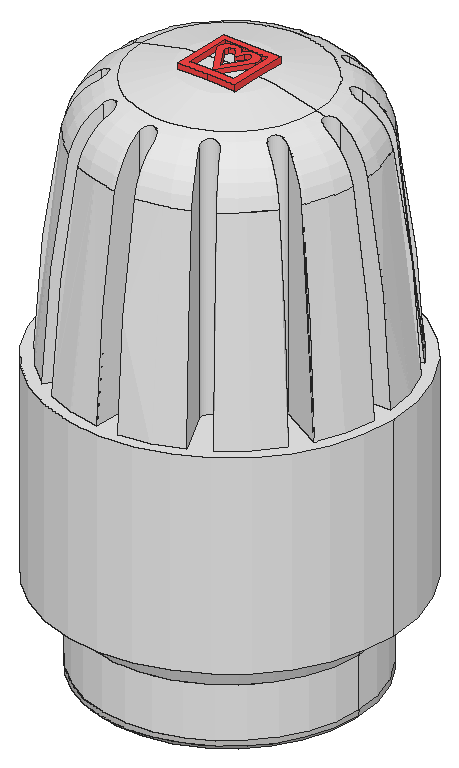
Revit family "HERZ-Herzcules-Thermostatkopf M28x1.5 9860", category Rohrzubehör, Revit 2019
Family settings
  Bemaßung runder Anschluss = Durchmesser verwenden
  Teiletyp = Normal
  OmniClass-Nummer = 23.65.55.14
  OmniClass-Titel = Valves for Liquid Services
  Arbeitsebenenbasiert = Nein
  Immer vertikal = Nein
  Beim Laden mit Abzugskörper schneiden = Nein
  Gemeinsam genutzt = Nein
Parameters
  URL = "www.herz-armaturen.at"
  Sollwertbereich = "8 - 26°C"  # constant formula
  S02 = 60.000 mm  # constant formula
  S01 = 81.000 mm  # constant formula
  Hersteller = "HERZ Armaturen Ges.m.b.H."  # constant formula
  Handrad = "Kunststoff, weiß"  # constant formula
  Funktionsweise = "Der HERZ-Thermostat dient als Fühl- und Regelelement.\r\nDurch die Volumsänderung der Flüssigkeitsfüllung im HERZ-Hydrosensor wird die Schubspindel des Ventils bewegt."
  Bestellnummer = 1986010  # constant formula
  Ausführungen = "HERZCULES, Heizkörperthermostat in Massivausführung\r\ngegen Vandalismus, Diebstahl und unbefugte Betätigung.\r\nMontage, Demontage und Sollwerteinstellung nur mit Spezialwerkzeugen möglich.\r\nSollwerteinstellung verriegelt, Einstellanzeige bleibt in verriegelter Position verdeckt.\r\nMit automatischer Frostsicherung."
  Anwendungen = "HERZCULES, Thermostatkopf zur Montage auf HERZ-Ventilen, die für thermostatischen Betrieb eingerichtet sind."
Reference planes
  plane 1 "Mitte (Vorne/hinten)": y = 0
  plane 2: z = 0
  plane 3 "Mitte (Links/rechts)": x = 0
Forms (mm)
  Revolve 1, solid, material "Kunststoff weiß", detail levels fine
    sketch origin (0, 0, 0) x (1, 0, 0) y (0, 0, 1)
      loop
        line (-20.5, -3.5) -> (-14, -3.5) -> (-14, 0) -> (0, 0) -> (0, 81)
        arc (0, 81) -> (-6.982, 80.51) -> (-13.827, 79.05) r 50
        arc (-13.827, 79.05) -> (-18.34, 76.173) -> (-20.722, 71.381) r 10
        arc (-20.722, 71.381) -> (-23.123, 55.561) -> (-24.254, 39.6) r 200.5
        line (-24.254, 39.6) -> (-26, 39.6) -> (-26, 9) -> (-23.156, 9) -> (-20.5, 4.4) -> (-20.5, -3.5)
      axis (0, 81) -> (0, -3.5)
    angle from 0 to 360
  Revolve 2, solid, material "Messing verzinkt", detail levels fine
    sketch origin (0, 0, -5) x (1, 0, 0) y (0, 0, 1)
      loop
        line (-14, 0) -> (-14, 1.5) -> (-20.5, 1.5) -> (-20.5, 0.7) -> (-19.8, 0) -> (-14, 0)
      axis (0, 1.5) -> (0, 0)
    angle from 0 to 360
  Extrusion 3, void
    sketch origin (0, 0, 0) x (1, 0, 0) y (0, 1, 0)
      loop
        line (1.7, -24.289) -> (1.331, -16.288)
        arc (1.331, -16.288) -> (-0.021, -15) -> (-1.366, -16.294) r 1.35
        line (-1.366, -16.294) -> (-1.7, -24.292)
        arc (-1.7, -24.292) -> (0, -24.35) -> (1.7, -24.289) r 24.35
      loop
        arc (-13.65, -20.176) -> (-12.208, -21.079) -> (-10.707, -21.879) r 24.35
        line (-10.707, -21.879) -> (-6.996, -14.785)
        arc (-6.996, -14.785) -> (-7.515, -12.992) -> (-9.329, -13.431) r 1.35
        line (-9.329, -13.431) -> (-13.65, -20.176)
      loop
        line (-20.194, -13.632) -> (-13.449, -9.312)
        arc (-13.449, -9.312) -> (-13.009, -7.497) -> (-14.803, -6.979) r 1.35
        line (-14.803, -6.979) -> (-21.896, -10.689)
        arc (-21.896, -10.689) -> (-21.097, -12.19) -> (-20.194, -13.632) r 24.35
      loop
        arc (-24.307, 1.718) -> (-24.368, 0.018) -> (-24.309, -1.682) r 24.35
        line (-24.309, -1.682) -> (-16.311, -1.349)
        arc (-16.311, -1.349) -> (-15.018, -0.003) -> (-16.305, 1.349) r 1.35
        line (-16.305, 1.349) -> (-24.307, 1.718)
      loop
        arc (1.7, 24.289) -> (0, 24.35) -> (-1.7, 24.292) r 24.35
        line (-1.7, 24.292) -> (-1.366, 16.294)
        arc (-1.366, 16.294) -> (-0.021, 15) -> (1.331, 16.288) r 1.35
        line (1.331, 16.288) -> (1.7, 24.289)
      loop
        line (-13.65, 20.176) -> (-9.329, 13.431)
        arc (-9.329, 13.431) -> (-7.515, 12.992) -> (-6.996, 14.785) r 1.35
        line (-6.996, 14.785) -> (-10.707, 21.879)
        arc (-10.707, 21.879) -> (-12.208, 21.079) -> (-13.65, 20.176) r 24.35
      loop
        arc (-20.194, 13.632) -> (-21.097, 12.19) -> (-21.896, 10.689) r 24.35
        line (-21.896, 10.689) -> (-14.803, 6.979)
        arc (-14.803, 6.979) -> (-13.009, 7.497) -> (-13.449, 9.312) r 1.35
        line (-13.449, 9.312) -> (-20.194, 13.632)
      loop
        line (24.307, 1.718) -> (16.305, 1.349)
        arc (16.305, 1.349) -> (15.018, -0.003) -> (16.311, -1.349) r 1.35
        line (16.311, -1.349) -> (24.309, -1.682)
        arc (24.309, -1.682) -> (24.368, 0.018) -> (24.307, 1.718) r 24.35
      loop
        arc (13.65, 20.176) -> (12.208, 21.079) -> (10.707, 21.879) r 24.35
        line (10.707, 21.879) -> (6.996, 14.785)
        arc (6.996, 14.785) -> (7.515, 12.992) -> (9.329, 13.431) r 1.35
        line (9.329, 13.431) -> (13.65, 20.176)
      loop
        line (20.194, 13.632) -> (13.449, 9.312)
        arc (13.449, 9.312) -> (13.009, 7.497) -> (14.803, 6.979) r 1.35
        line (14.803, 6.979) -> (21.896, 10.689)
        arc (21.896, 10.689) -> (21.097, 12.19) -> (20.194, 13.632) r 24.35
      loop
        line (13.65, -20.176) -> (9.329, -13.431)
        arc (9.329, -13.431) -> (7.515, -12.992) -> (6.996, -14.785) r 1.35
        line (6.996, -14.785) -> (10.707, -21.879)
        arc (10.707, -21.879) -> (12.208, -21.079) -> (13.65, -20.176) r 24.35
      loop
        arc (20.194, -13.632) -> (21.097, -12.19) -> (21.896, -10.689) r 24.35
        line (21.896, -10.689) -> (14.803, -6.979)
        arc (14.803, -6.979) -> (13.009, -7.497) -> (13.449, -9.312) r 1.35
        line (13.449, -9.312) -> (20.194, -13.632)
    from 39.6 to 90
Cuts and joins
  Extrusion 3 cuts Revolve 1
Lines and regions (mm)
  model lines, detail levels coarse+medium
    curve 1: line (0, 0, 0) -> (0, 0, 21)
    curve 2: line (0, -0.017, 0) -> (0, 21, 0)
    curve 3: circle (0, 0, 51) r 30 normal (0, -1, 0)
    curve 4: circle (0, 0, 51) r 30 normal (1, 0, 0)
    curve 5: line (0, 0, 31) -> (0, 0, 71)
    curve 6: line (0, 17.5, 71) -> (0, -17.5, 71)
    curve 7: line (0, 0, 31) -> (0, 0, 71)
    curve 8: line (-17.5, 0, 71) -> (17.5, 0, 71)
    curve 9: circle (0, 51, 0) r 30 normal (0, 0, 1)
    curve 10: line (0, 31, 0) -> (0, 71, 0)
    curve 11: line (-17.5, 71, 0) -> (17.5, 71, 0)
Dimensions and locks
  nested 1 to plane 2 = 80.000 mm
  "S01": curve 4 to plane 2
  "S01": curve 3 to plane 2
  "S01": plane 1 "Mitte (Vorne/hinten)" to curve 9
  "S02": diameter of curve 3
  "S02": diameter of curve 4
  "S02": diameter of curve 9
  aligned and locked: level to plane 2
Automatic sketch dimensions
  Revolve 1 sketch curve to level = 0.000 mm
  Revolve 1 sketch curve to plane 3 "Mitte (Links/rechts)" = 0.000 mm  (x2)
  Revolve 1 sketch curve to plane 3 "Mitte (Links/rechts)" = 10.903 mm
  Revolve 1 sketch curve to plane 3 "Mitte (Links/rechts)" = 14.000 mm
  Revolve 1 sketch curve to Revolve 1 sketch curve = 6.500 mm
  level to Revolve 1 sketch curve = 9.000 mm
  Revolve 1 sketch curve to Revolve 1 sketch curve = 2.656 mm
  Revolve 1 sketch curve to plane 3 "Mitte (Links/rechts)" = 24.254 mm
  Revolve 1 sketch curve to Revolve 1 sketch curve = 1.746 mm
  level to Revolve 1 sketch curve = 33.411 mm
  plane 3 "Mitte (Links/rechts)" to Revolve 1 sketch curve = 176.150 mm
  Revolve 1 sketch curve to level = 3.500 mm
  level to Revolve 1 sketch curve = 4.400 mm
  level to Revolve 1 sketch curve = 31.000 mm
  Revolve 1 sketch curve to Revolve 1 sketch curve = 8.600 mm
  Revolve 1 sketch curve to Revolve 1 sketch curve = 29.887 mm
  Revolve 1 sketch curve to Revolve 1 sketch curve = 11.513 mm
  Revolve 1 sketch curve to Revolve 1 sketch curve = 2.925 mm
  level to Revolve 1 sketch curve = 5.000 mm
  Revolve 1 sketch curve to Revolve 1 sketch curve = 2133.315 mm
  Revolve 2 sketch curve to plane 3 "Mitte (Links/rechts)" = 0.000 mm
  Revolve 2 sketch curve to level = 5.000 mm
  Revolve 2 sketch curve to plane 3 "Mitte (Links/rechts)" = 14.000 mm
  Revolve 2 sketch curve to Revolve 2 sketch curve = 5.800 mm
  Revolve 2 sketch curve to Revolve 2 sketch curve = 0.700 mm  (x2)
  Revolve 2 sketch curve to Revolve 2 sketch curve = 1.500 mm
  Revolve 2 sketch curve to Revolve 2 sketch curve = 366.045 mm
  level to Revolve 2 sketch curve = 2209.315 mm
  Extrusion 3 sketch curve to Extrusion 3 sketch curve = 0.000 mm  (x62)
  plane 1 "Mitte (Vorne/hinten)" to Extrusion 3 sketch curve = 0.000 mm  (x4)
  plane 1 "Mitte (Vorne/hinten)" to Extrusion 3 sketch curve = 1.682 mm  (x2)
  Extrusion 3 sketch curve to plane 3 "Mitte (Links/rechts)" = 24.309 mm
  Extrusion 3 sketch curve to plane 1 "Mitte (Vorne/hinten)" = 1.718 mm  (x2)
  Extrusion 3 sketch curve to Extrusion 3 sketch curve = 0.002 mm
  plane 1 "Mitte (Vorne/hinten)" to Extrusion 3 sketch curve = 10.689 mm  (x2)
  Extrusion 3 sketch curve to Extrusion 3 sketch curve = 2.413 mm
  plane 1 "Mitte (Vorne/hinten)" to Extrusion 3 sketch curve = 13.632 mm
  Extrusion 3 sketch curve to Extrusion 3 sketch curve = 4.113 mm
  Extrusion 3 sketch curve to Extrusion 3 sketch curve = 7.942 mm
  plane 1 "Mitte (Vorne/hinten)" to Extrusion 3 sketch curve = 1.349 mm  (x2)
  Extrusion 3 sketch curve to Extrusion 3 sketch curve = 0.056 mm
  Extrusion 3 sketch curve to plane 1 "Mitte (Vorne/hinten)" = 1.349 mm  (x2)
  Extrusion 3 sketch curve to plane 1 "Mitte (Vorne/hinten)" = 6.979 mm  (x2)
  Extrusion 3 sketch curve to Extrusion 3 sketch curve = 1.503 mm  (x4)
  plane 1 "Mitte (Vorne/hinten)" to Extrusion 3 sketch curve = 6.979 mm  (x2)
  Extrusion 3 sketch curve to Extrusion 3 sketch curve = 1.509 mm
  Extrusion 3 sketch curve to Extrusion 3 sketch curve = 0.626 mm  (x6)
  Extrusion 3 sketch curve to Extrusion 3 sketch curve = 6.544 mm  (x2)
  Extrusion 3 sketch curve to plane 1 "Mitte (Vorne/hinten)" = 9.312 mm
  Extrusion 3 sketch curve to Extrusion 3 sketch curve = 0.728 mm  (x6)
  plane 1 "Mitte (Vorne/hinten)" to Extrusion 3 sketch curve = 9.312 mm
  Extrusion 3 sketch curve to Extrusion 3 sketch curve = 2.943 mm  (x4)
  Extrusion 3 sketch curve to Extrusion 3 sketch curve = 4.120 mm  (x6)
  Extrusion 3 sketch curve to Extrusion 3 sketch curve = 1.137 mm  (x4)
  Extrusion 3 sketch curve to Extrusion 3 sketch curve = 1.196 mm  (x5)
  Extrusion 3 sketch curve to plane 3 "Mitte (Links/rechts)" = 1.700 mm  (x2)
  Extrusion 3 sketch curve to plane 3 "Mitte (Links/rechts)" = 1.366 mm  (x2)
  Extrusion 3 sketch curve to plane 3 "Mitte (Links/rechts)" = 0.018 mm  (x2)
  plane 3 "Mitte (Links/rechts)" to Extrusion 3 sketch curve = 0.018 mm
  plane 3 "Mitte (Links/rechts)" to Extrusion 3 sketch curve = 1.331 mm  (x2)
  plane 3 "Mitte (Links/rechts)" to Extrusion 3 sketch curve = 1.700 mm  (x2)
  Extrusion 3 sketch curve to Extrusion 3 sketch curve = 5.665 mm  (x2)
  Extrusion 3 sketch curve to Extrusion 3 sketch curve = 3.710 mm  (x2)
  Extrusion 3 sketch curve to Extrusion 3 sketch curve = 0.006 mm  (x3)
  Extrusion 3 sketch curve to Extrusion 3 sketch curve = 6.745 mm  (x6)
  Extrusion 3 sketch curve to Extrusion 3 sketch curve = 1.702 mm  (x3)
  Extrusion 3 sketch curve to plane 1 "Mitte (Vorne/hinten)" = 10.689 mm  (x2)
  Extrusion 3 sketch curve to Extrusion 3 sketch curve = 8.002 mm  (x3)
  Extrusion 3 sketch curve to Extrusion 3 sketch curve = 7.181 mm
  Extrusion 3 sketch curve to Extrusion 3 sketch curve = 4.848 mm
  Extrusion 3 sketch curve to Extrusion 3 sketch curve = 2.333 mm
  Extrusion 3 sketch curve to Extrusion 3 sketch curve = 4.320 mm
  curve 5 to plane 1 "Mitte (Vorne/hinten)" = 0.000 mm
  curve 4 to plane 1 "Mitte (Vorne/hinten)" = 0.000 mm
  plane 1 "Mitte (Vorne/hinten)" to curve 6 = 17.500 mm
  curve 5 to curve 6 = 17.500 mm
  curve 5 to curve 4 = 20.000 mm
  curve 4 to curve 6 = 20.000 mm
  curve 3 to plane 3 "Mitte (Links/rechts)" = 0.000 mm
  curve 7 to plane 3 "Mitte (Links/rechts)" = 0.000 mm
  curve 1 to plane 3 "Mitte (Links/rechts)" = 0.000 mm
  curve 1 to level = 0.000 mm
  curve 8 to curve 7 = 17.500 mm
  plane 3 "Mitte (Links/rechts)" to curve 8 = 17.500 mm
  curve 1 to curve 7 = 10.000 mm
  curve 3 to curve 8 = 20.000 mm
  curve 9 to plane 3 "Mitte (Links/rechts)" = 0.000 mm
  curve 10 to plane 3 "Mitte (Links/rechts)" = 0.000 mm
  curve 2 to plane 3 "Mitte (Links/rechts)" = 0.000 mm
  curve 11 to curve 10 = 17.500 mm
  plane 3 "Mitte (Links/rechts)" to curve 11 = 17.500 mm
  plane 1 "Mitte (Vorne/hinten)" to curve 2 = 0.017 mm
  curve 2 to curve 10 = 10.000 mm
  curve 9 to curve 11 = 20.000 mm
Nested families
  nested 1: "Herz-Logo" at (0, 0, 80), type "Herz-Logo", detail levels fine
Definition of nested family "Herz-Logo"
  Reference planes
    plane 1 "Mitte (Vorne/hinten)": y = 0
    plane 2: z = 0
    plane 3 "Mitte (Links/rechts)": x = 0
  Forms (mm)
    Extrusion 1, solid
      sketch origin (0, 0, 0) x (1, 0, 0) y (0, 1, 0)
        loop
          line (-0.018, -4.517) -> (4.482, -4.517) -> (4.482, 4.483) -> (-4.518, 4.483) -> (-4.518, -4.517) -> (-0.018, -4.517)
        loop
          line (-0.05, -3.48) -> (3.482, -3.48) -> (3.482, 3.483) -> (-3.518, 3.483) -> (-3.518, -3.48) -> (-0.05, -3.48)
        loop
          arc (-0.018, 2.383) -> (-1.543, 3.287) -> (-3.067, 2.383) r 1.738
          arc (-3.067, 2.383) -> (-3.191, 1.899) -> (-3.067, 1.415) r 1.009
          line (-3.067, 1.415) -> (-0.018, -3.281) -> (3.032, 1.415)
          arc (3.032, 1.415) -> (3.156, 1.899) -> (3.032, 2.383) r 1.009
          arc (3.032, 2.383) -> (1.507, 3.287) -> (-0.018, 2.383) r 1.738
        loop
          arc (1.885, 1.272) -> (2.005, 1.675) -> (1.885, 2.079) r 0.74
          arc (1.885, 2.079) -> (1.265, 2.416) -> (0.644, 2.079) r 0.74
          line (0.644, 2.079) -> (-0.018, 0.97) -> (-0.679, 2.079)
          arc (-0.679, 2.079) -> (-1.3, 2.416) -> (-1.921, 2.079) r 0.74
          arc (-1.921, 2.079) -> (-2.04, 1.675) -> (-1.921, 1.272) r 0.74
          line (-1.921, 1.272) -> (-0.018, -1.658) -> (1.885, 1.272)
      from 0 to 1.5
  Dimensions and locks
    aligned and locked: level to plane 2
